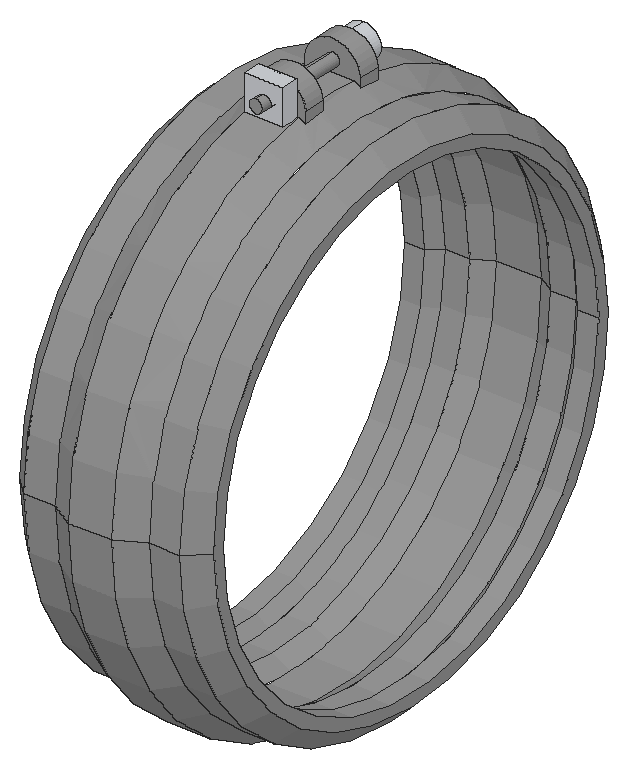
Revit family "PAM-GLOBAL® RAPID-S-W2", category Соединительные детали трубопроводов, Revit 2016
Family settings
  Тип детали = Фланец
  Размер круглого соединителя = Использовать диаметр
  На основе рабочей плоскости = Нет
  Всегда вертикально = Нет
  При загрузке вырезать с полостями = Нет
  Общий = Нет
Parameters
  built-in parameter 1114238 [instance] = (empty or 0)
  built-in parameter 1114242 [instance] = (empty or 0)
  L = 45.4 mm
  H = 135 mm
  G [instance] = L / 2 * 3  # 68.1 mm
  Dn = 100 mm
  D = 125 mm
Reference planes
  plane 1 "По центру (Вперед/Назад)": y = 0
  plane 2: z = 0
  plane 3 "По центру (Влево/Вправо)": x = 0
  plane 4: x = -22.7
  plane 5: x = 22.7
  plane 6: z = 62.5
  plane 7: z = -62.5
  plane 8: z = 72.5
  plane 9: y = 62.5
  plane 10: y = -62.5
  plane 11: y = -5.6
  plane 12: y = 5.6
  plane 13: z = 55
Forms (mm)
  Sweep 1, solid, material "Нерж", detail levels fine
    path origin (0, 0, 0) x (0, 1, 0) y (0, 0, 1)
      loop
        circle (0, 0) r 62.5
    profile origin (0, 0, 62.5) x (0, 0, -1) y (1, 0, 0)
      loop
        line (7.5, -17.97) -> (4.931, -15.401) -> (4.931, -9.546) -> (2.466, -5.276) -> (2.466, 5.276) -> (4.931, 9.546) -> (4.931, 15.401) -> (7.5, 17.97) -> (7.5, 22.7) -> (4.799, 22.7) -> (0.434, 18.335) -> (0.434, 10.988) -> (-3.007, 5.027) -> (-3.007, -5.027) -> (0.434, -10.988) -> (0.434, -18.335) -> (4.799, -22.7) -> (7.5, -22.7) -> (7.5, -17.97)
  Extrusion 2, solid, material "Нерж", detail levels fine
    sketch origin (0, -5.6, 84.67) x (0, 0, 1) y (-1, 0, 0)
      loop
        circle (-16.649, 0) r 1.5
    from 11.295 to -11.2
  Extrusion 3, solid, material "Нерж", detail levels fine
    sketch origin (0, -5.6, 86.154) x (0, 0, 1) y (-1, 0, 0)
      loop
        arc (-19.764, -6.518) -> (-13.716, 0.002) -> (-19.766, 6.52) r 6.537
        line (-19.766, 6.52) -> (-24.292, 6.52) -> (-24.292, -6.518) -> (-19.764, -6.518)
    from 0 to 5
  Extrusion 4, solid, detail levels fine
    sketch origin (0, -10.6, 88.498) x (0, 0, 1) y (-1, 0, 0)
      loop
        line (-24.237, 4.491) -> (-24.237, -4.477) -> (-15.998, -4.477) -> (-15.998, 4.491) -> (-24.237, 4.491)
    from 0 to 4
  Extrusion 5, solid, detail levels fine
    sketch origin (0, 10.6, 96.31) x (0, 0, -1) y (-1, 0, 0)
      loop
        circle (28.305, 0) r 4
    from 0 to 4
  Extrusion 6, solid, not visible
    sketch origin (0, 0, 0) x (0, 1, 0) y (0, 0, 1)
      loop
        circle (0, 0) r 2
    from -1 to 1
  Extrusion 7, solid, material "Нерж", detail levels fine
    sketch origin (0, 5.6, 86.154) x (0, 0, 1) y (1, 0, 0)
      loop
        line (-19.764, 6.518) -> (-26.154, 6.518) -> (-26.154, -6.52) -> (-19.766, -6.52)
        arc (-19.766, -6.52) -> (-13.716, -0.002) -> (-19.764, 6.518) r 6.537
    from 0 to 5
Cuts and joins
  joined: Sweep 1, Extrusion 2, Extrusion 3, Extrusion 7
Lines and regions (mm)
  model lines, detail levels coarse+medium
    curve 1: line (-1, 0, 0) -> (1, 0, 0)
Dimensions and locks
  equal spacing: plane 4, plane 3 "По центру (Влево/Вправо)", plane 5
  "L": plane 4 to plane 5
  equal spacing: plane 6, level, plane 7
  "D": plane 6 to plane 7
  "H": plane 8 to plane 7
  equal spacing: plane 9, plane 1 "По центру (Вперед/Назад)", plane 10
  "D": plane 9 to plane 10
  equal spacing: plane 12, plane 1 "По центру (Вперед/Назад)", plane 11
  "G": plane 9 to plane 11
  "D": diameter of Sweep 1 sketch curve
  aligned and locked: level to plane 2
  aligned and locked: plane 1 "По центру (Вперед/Назад)" to Sweep 1 sketch curve
  aligned and locked: level to Sweep 1 sketch curve
  aligned and locked: plane 12 to Extrusion 2
  aligned and locked: plane 1 "По центру (Вперед/Назад)" to Extrusion 6 sketch curve
  aligned and locked: level to Extrusion 6 sketch curve
  aligned and locked: curve 1 to Extrusion 6
  aligned and locked: Extrusion 6 to curve 1
Automatic sketch dimensions
  profile plane to Sweep 1 sketch curve = 3.007 mm
  Sweep 1 sketch curve to profile plane = 0.434 mm  (x2)
  Sweep 1 sketch curve to Sweep 1 sketch curve = 5.473 mm
  Sweep 1 sketch curve to Sweep 1 sketch curve = 4.365 mm  (x3)
  Sweep 1 sketch curve to Sweep 1 sketch curve = 4.497 mm  (x2)
  Sweep 1 sketch curve to Sweep 1 sketch curve = 2.569 mm  (x4)
  Sweep 1 sketch curve to plane 3 "По центру (Влево/Вправо)" = 22.7 mm
  Sweep 1 sketch curve to Sweep 1 sketch curve = 4.73 mm  (x2)
  Sweep 1 sketch curve to Sweep 1 sketch curve = 4.413 mm
  Sweep 1 sketch curve to Sweep 1 sketch curve = 1.441 mm  (x2)
  Sweep 1 sketch curve to Sweep 1 sketch curve = 4.271 mm  (x2)
  Sweep 1 sketch curve to plane 3 "По центру (Влево/Вправо)" = 5.027 mm
  plane 3 "По центру (Влево/Вправо)" to Sweep 1 sketch curve = 5.027 mm
  plane 3 "По центру (Влево/Вправо)" to Sweep 1 sketch curve = 5.276 mm
  Sweep 1 sketch curve to Sweep 1 sketch curve = 5.855 mm
  Sweep 1 sketch curve to Sweep 1 sketch curve = 2.934 mm
  Extrusion 2 sketch curve to plane 3 "По центру (Влево/Вправо)" = 0 mm
  Extrusion 2 sketch curve to plane 8 = 4.479 mm
  plane 13 to Extrusion 3 sketch curve = 6.862 mm
  Extrusion 3 sketch curve to plane 3 "По центру (Влево/Вправо)" = 0.001 mm
  plane 6 to Extrusion 3 sketch curve = 3.401 mm
  plane 6 to Extrusion 3 sketch curve = 3.888 mm
  plane 6 to Extrusion 3 sketch curve = 3.89 mm
  plane 3 "По центру (Влево/Вправо)" to Extrusion 3 sketch curve = 6.518 mm
  Extrusion 4 sketch curve to Extrusion 3 = 2.399 mm
  Extrusion 4 sketch curve to Extrusion 3 = 2.029 mm
  Extrusion 4 sketch curve to Extrusion 4 sketch curve = 8.239 mm
  Extrusion 4 sketch curve to Extrusion 3 = 2.042 mm
  Extrusion 5 sketch curve to plane 3 "По центру (Влево/Вправо)" = 0 mm
  plane 6 to Extrusion 5 sketch curve = 5.505 mm
  plane 13 to Extrusion 7 sketch curve = 5 mm
  Extrusion 7 sketch curve to plane 3 "По центру (Влево/Вправо)" = 0.001 mm
  plane 6 to Extrusion 7 sketch curve = 3.401 mm
  plane 6 to Extrusion 7 sketch curve = 3.888 mm
  plane 6 to Extrusion 7 sketch curve = 3.89 mm
  Extrusion 7 sketch curve to plane 3 "По центру (Влево/Вправо)" = 6.52 mm
  plane 1 "По центру (Вперед/Назад)" to curve 1 = 0 mm
  radius of Extrusion 2 sketch curve = 1.5 mm
  radius of Extrusion 5 sketch curve = 4 mm
  radius of Extrusion 6 sketch curve = 2 mm
Connectors
  piping at (1, 0, 0), diameter 100, driven by "Dn"
    settings: on Extrusion 6, index 1, connector inside diameter 609.6 mm, connector length 0 mm, flow factor 0, pipe flow 0.0 L/s, pressure drop 0.0 Pa, fitting loss kfactor 0, connector angle 0.00°, fixture units 0, engagement length 0 mm, angle of deflection 0.00°, flow configuration 0, flow direction 0, fitting loss method 0, system type 28, joint type 0, gender type 0, connector reference index -1, connector utility 0, adjustable connector no, is connector primary yes, connector description ""
  piping at (-1, 0, 0), diameter 100, driven by "Dn"
    settings: on Extrusion 6, index 2, connector inside diameter 609.6 mm, connector length 0 mm, flow factor 0, pipe flow 0.0 L/s, pressure drop 0.0 Pa, fitting loss kfactor 0, connector angle 0.00°, fixture units 0, engagement length 0 mm, angle of deflection 0.00°, flow configuration 0, flow direction 0, fitting loss method 0, system type 28, joint type 0, gender type 0, connector reference index -1, connector utility 0, adjustable connector no, is connector primary no, connector description ""
